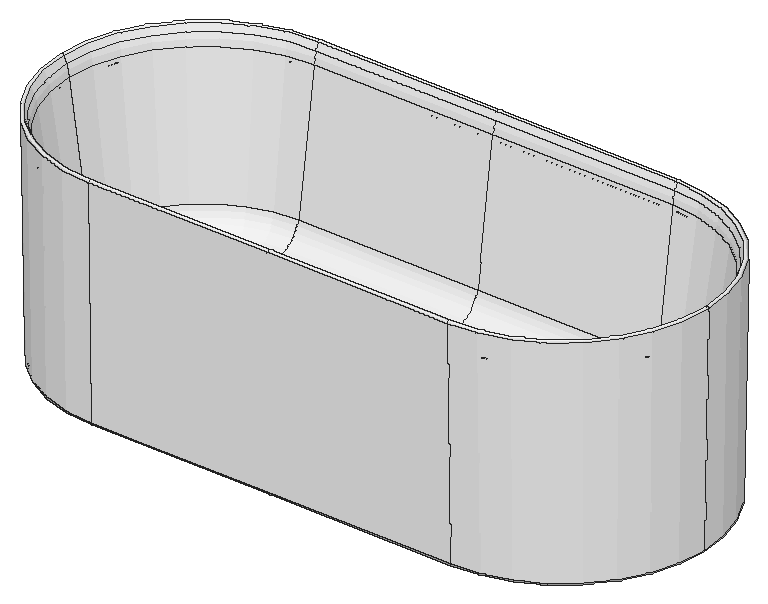
Revit family "ELVIRE FREESTANDING BATH 1700", category Plumbing Fixtures, host Face, Revit 2016
Family settings
  Host = Face
  Part Type = Normal
  Round Connector Dimension = Use Radius
  OmniClass Number = 23.45.05.14.21
  OmniClass Title = Bathtubs
  Cut with Voids When Loaded = No
  Shared = No
  Room Calculation Point = No
Parameters (values of type "ELVIRE FREESTANDING BATH 1700")
  Waste Connection = yes
  Vent Connection = no
  URL = "https://www.caroma.com.au/"
  Model = "CAEL0062W"
  Material_Waste = GWA-Metalwork-White
  Material_Base = GWA-Metalwork-White
  Manufacturer = "GWA Bathrooms & Kitchens"  # constant formula
  HW Connection = no
  Description = "ELVIRE FREESTANDING BATH 1700"
  Default Elevation = 0 mm
  CreatedBy_ANZRS = "GWA Bathrooms & Kitchens"  # constant formula
  CW Connection = no
  Assembly Code = "D2010510"
Reference planes
  plane 1 "Center (Front/Back)": y = 0
  plane 2: z = 0
  plane 3 "Center (Left/Right)": x = 0
Forms (mm)
  Sweep 1, solid, material "GWA-Metalwork-White" <- "Material_Base"
    path origin (0, 0, 40) x (-1, 0, 0) y (0, -1, 0)
      loop
        arc (-850, 0) -> (-738.701, 268.701) -> (-470, 380) r 380
        line (-470, 380) -> (0, 380)
    profile origin (235, -380, 40) x (0, -1, 0) y (0, 0, 1)
      loop
        arc (-0.082, 535.32) -> (-3.753, 539.905) -> (-8.938, 537.145) r 4.6
        line (-8.938, 537.145) -> (-16.008, 519.897)
        arc (-16.008, 519.897) -> (-20.811, 504.919) -> (-23.205, 489.374) r 100
        arc (-23.205, 489.374) -> (-42.393, 317.54) -> (-74.261, 147.601) r 2331.825
        arc (-74.261, 147.601) -> (-99.076, 106.802) -> (-143.487, 89.251) r 75
        line (-143.487, 89.251) -> (-143.487, 84.244)
        arc (-143.487, 84.244) -> (-95.954, 102.894) -> (-69.384, 146.498) r 80
        arc (-69.384, 146.498) -> (-39.451, 303.649) -> (-20.341, 462.479) r 2336.825
        arc (-20.341, 462.479) -> (-13.006, 468.872) -> (-6.367, 461.759) r 7
        line (-6.367, 461.759) -> (-14.953, -30.087)
        arc (-14.953, -30.087) -> (-16.448, -33.566) -> (-19.953, -35) r 5
        line (-19.953, -35) -> (-35.039, -35) -> (-35.039, -40) -> (-15.039, -40)
        arc (-15.039, -40) -> (-11.535, -38.566) -> (-10.04, -35.087) r 5
        line (-10.04, -35.087) -> (-0.082, 535.32)
  Revolve 2, solid, material "GWA-Metalwork-White" <- "Material_Base"
    sketch origin (0, 0, 0) x (0, 1, 0) y (0, 0, 1)
      loop
        line (-64.003, 120.21) -> (-64.003, 114.221)
        arc (-64.003, 114.221) -> (-55.865, 100.878) -> (-41.984, 93.696) r 29
        arc (-41.984, 93.696) -> (-39.122, 91.957) -> (-38, 88.801) r 5
        line (-38, 88.801) -> (-38, 65) -> (-33, 65) -> (-33, 88.801)
        arc (-33, 88.801) -> (-35.244, 95.113) -> (-40.968, 98.592) r 10
        arc (-40.968, 98.592) -> (-52.765, 104.829) -> (-59.407, 116.402) r 24
        arc (-59.407, 116.402) -> (-61.074, 119.067) -> (-64.003, 120.21) r 5
      axis (0, 65) -> (0, 120.21)
    angle from 0 to 360
  Sweep 3, solid, material "GWA-Metalwork-White" <- "Material_Base"
    path origin (0, 0, 40) x (-1, 0, 0) y (0, -1, 0)
      loop
        arc (-850, 0) -> (-738.701, -268.701) -> (-470, -380) r 380
        line (-470, -380) -> (0, -380)
    profile origin (235, 380, 40) x (0, -1, 0) y (0, 0, 1)
      loop
        line (0.082, 535.32) -> (10.04, -35.087)
        arc (10.04, -35.087) -> (11.535, -38.566) -> (15.039, -40) r 5
        line (15.039, -40) -> (35.039, -40) -> (35.039, -35) -> (19.953, -35)
        arc (19.953, -35) -> (16.448, -33.566) -> (14.953, -30.087) r 5
        line (14.953, -30.087) -> (6.367, 461.759)
        arc (6.367, 461.759) -> (13.006, 468.872) -> (20.341, 462.479) r 7
        arc (20.341, 462.479) -> (39.451, 303.649) -> (69.384, 146.498) r 2336.825
        arc (69.384, 146.498) -> (95.954, 102.894) -> (143.487, 84.244) r 80
        line (143.487, 84.244) -> (143.487, 89.251)
        arc (143.487, 89.251) -> (99.076, 106.802) -> (74.261, 147.601) r 75
        arc (74.261, 147.601) -> (42.393, 317.54) -> (23.205, 489.374) r 2331.825
        arc (23.205, 489.374) -> (20.811, 504.919) -> (16.008, 519.897) r 100
        line (16.008, 519.897) -> (8.938, 537.145)
        arc (8.938, 537.145) -> (3.753, 539.905) -> (0.082, 535.32) r 4.6
  Sweep 4, solid, material "GWA-Metalwork-White" <- "Material_Base"
    path origin (0, 0, 40) x (1, 0, 0) y (0, 1, 0)
      loop
        arc (-850, 0) -> (-738.701, -268.701) -> (-470, -380) r 380
        line (-470, -380) -> (0, -380)
    profile origin (-235, -380, 40) x (0, 1, 0) y (0, 0, 1)
      loop
        line (0.082, 535.32) -> (10.04, -35.087)
        arc (10.04, -35.087) -> (11.535, -38.566) -> (15.039, -40) r 5
        line (15.039, -40) -> (35.039, -40) -> (35.039, -35) -> (19.953, -35)
        arc (19.953, -35) -> (16.448, -33.566) -> (14.953, -30.087) r 5
        line (14.953, -30.087) -> (6.367, 461.759)
        arc (6.367, 461.759) -> (13.006, 468.872) -> (20.341, 462.479) r 7
        arc (20.341, 462.479) -> (39.451, 303.649) -> (69.384, 146.498) r 2336.825
        arc (69.384, 146.498) -> (95.954, 102.894) -> (143.487, 84.244) r 80
        line (143.487, 84.244) -> (143.487, 89.251)
        arc (143.487, 89.251) -> (99.076, 106.802) -> (74.261, 147.601) r 75
        arc (74.261, 147.601) -> (42.393, 317.54) -> (23.205, 489.374) r 2331.825
        arc (23.205, 489.374) -> (20.811, 504.919) -> (16.008, 519.897) r 100
        line (16.008, 519.897) -> (8.938, 537.145)
        arc (8.938, 537.145) -> (3.753, 539.905) -> (0.082, 535.32) r 4.6
  Sweep 5, solid, material "GWA-Metalwork-White" <- "Material_Base"
    path origin (0, 0, 40) x (1, 0, 0) y (0, 1, 0)
      loop
        arc (-850, 0) -> (-738.701, 268.701) -> (-470, 380) r 380
        line (-470, 380) -> (0, 380)
    profile origin (-235, 380, 40) x (0, 1, 0) y (0, 0, 1)
      loop
        arc (-0.082, 535.32) -> (-3.753, 539.905) -> (-8.938, 537.145) r 4.6
        line (-8.938, 537.145) -> (-16.008, 519.897)
        arc (-16.008, 519.897) -> (-20.811, 504.919) -> (-23.205, 489.374) r 100
        arc (-23.205, 489.374) -> (-42.393, 317.54) -> (-74.261, 147.601) r 2331.825
        arc (-74.261, 147.601) -> (-99.076, 106.802) -> (-143.487, 89.251) r 75
        line (-143.487, 89.251) -> (-143.487, 84.244)
        arc (-143.487, 84.244) -> (-95.954, 102.894) -> (-69.384, 146.498) r 80
        arc (-69.384, 146.498) -> (-39.451, 303.649) -> (-20.341, 462.479) r 2336.825
        arc (-20.341, 462.479) -> (-13.006, 468.872) -> (-6.367, 461.759) r 7
        line (-6.367, 461.759) -> (-14.953, -30.087)
        arc (-14.953, -30.087) -> (-16.448, -33.566) -> (-19.953, -35) r 5
        line (-19.953, -35) -> (-35.039, -35) -> (-35.039, -40) -> (-15.039, -40)
        arc (-15.039, -40) -> (-11.535, -38.566) -> (-10.04, -35.087) r 5
        line (-10.04, -35.087) -> (-0.082, 535.32)
  Extrusion 6, solid, material "GWA-Metalwork-White" <- "Material_Base"
    sketch origin (0, 0, 40) x (-1, 0, 0) y (0, -1, 0)
      loop
        arc (470, -236.513) -> (706.513, 0) -> (470, 236.513) r 236.513
        line (470, 236.513) -> (-470, 236.513)
        arc (-470, 236.513) -> (-706.513, 0) -> (-470, -236.513) r 236.513
        line (-470, -236.513) -> (470, -236.513)
    from 74 to 89.251
  Blend 7, void
    base sketch origin (0, 0, 40) x (-1, 0, 0) y (0, -1, 0)
      loop
        line (-470, -236.513) -> (470, -236.513)
        arc (470, -236.513) -> (706.513, 0) -> (470, 236.513) r 236.513
        line (470, 236.513) -> (-470, 236.513)
        arc (-470, 236.513) -> (-706.513, 0) -> (-470, -236.513) r 236.513
    top sketch origin (0, 0, 40) x (-1, 0, 0) y (0, -1, 0)
      loop
        circle (0, 0) r 64.003
    from 89.251 to 80.21
  Extrusion 8, void
    sketch origin (0, 0, 40) x (-1, 0, 0) y (0, -1, 0)
      loop
        circle (0, 0) r 64.003
    from 0 to 110
  Revolve 9, solid, material "GWA-Metalwork-White" <- "Material_Waste"
    sketch origin (0, 0, 0) x (0, 1, 0) y (0, 0, 1)
      loop
        line (0, 114) -> (0, 121.5)
        arc (0, 121.5) -> (-25.03, 121.151) -> (-50.04, 120.105) r 898.153
        arc (-50.04, 120.105) -> (-51.369, 119.495) -> (-51.928, 118.143) r 2
        line (-51.928, 118.143) -> (-52, 114) -> (0, 114)
      axis (0, 121.5) -> (0, 114)
    angle from 0 to 360
Cuts and joins
  Blend 7, Extrusion 8 cuts Extrusion 6
  joined: Sweep 1, Sweep 3, Sweep 4, Sweep 5
Lines and regions (mm)
  Masking region 1
    outline origin (0, 0, 40) x (-1, 0, 0) y (0, -1, 0)
      loop
        line (-470, -380) -> (470, -380)
        arc (470, -380) -> (850, 0) -> (470, 380) r 380
        line (470, 380) -> (-470, 380)
        arc (-470, 380) -> (-850, 0) -> (-470, -380) r 380
  Masking region 2
    outline origin (0, 0, -1000) x (0, 1, 0) y (0, 0, 1)
      loop
        line (-364.961, 1000) -> (364.961, 1000)
        arc (364.961, 1000) -> (368.465, 1001.434) -> (369.96, 1004.913) r 5
        line (369.96, 1004.913) -> (379.918, 1575.32)
        arc (379.918, 1575.32) -> (378.599, 1578.624) -> (375.318, 1580) r 4.6
        line (375.318, 1580) -> (-375.318, 1580)
        arc (-375.318, 1580) -> (-378.599, 1578.624) -> (-379.918, 1575.32) r 4.6
        line (-379.918, 1575.32) -> (-369.96, 1004.913)
        arc (-369.96, 1004.913) -> (-368.465, 1001.434) -> (-364.961, 1000) r 5
  Masking region 3
    outline origin (0, 0, -1000) x (1, 0, 0) y (0, 0, 1)
      loop
        line (-835.043, 1000) -> (835.043, 1000)
        arc (835.043, 1000) -> (838.548, 1001.434) -> (840.042, 1004.913) r 5
        line (840.042, 1004.913) -> (850, 1575.32)
        arc (850, 1575.32) -> (848.682, 1578.624) -> (845.401, 1580) r 4.6
        line (845.401, 1580) -> (-845.401, 1580)
        arc (-845.401, 1580) -> (-848.682, 1578.624) -> (-850, 1575.32) r 4.6
        line (-850, 1575.32) -> (-840.042, 1004.913)
        arc (-840.042, 1004.913) -> (-838.548, 1001.434) -> (-835.043, 1000) r 5
  symbolic lines
    curve 1: line (470, 380, 40) -> (-470, 380, 40)
    curve 2: arc (470, -380, 40) -> (850, 0, 40) -> (470, 380, 40) r 380
    curve 3: line (470, -380, 40) -> (-470, -380, 40)
    curve 4: arc (-470, -380, 40) -> (-850, 0, 40) -> (-470, 380, 40) r 380
    curve 5: circle (0, 0, 40) r 64.003 normal (0, 0, 1)
    curve 6: circle (0, 0, 40) r 38 normal (0, 0, 1)
    curve 7: line (-470, 236.513, 40) -> (470, 236.513, 40)
    curve 8: arc (-470, -236.513, 40) -> (-706.513, 0, 40) -> (-470, 236.513, 40) r 236.513
    curve 9: line (470, -236.513, 40) -> (-470, -236.513, 40)
    curve 10: arc (470, -236.513, 40) -> (706.513, 0, 40) -> (470, 236.513, 40) r 236.513
    curve 11: arc (0, -379.918, 575.32) -> (0, -378.599, 578.624) -> (0, -375.318, 580) r 4.6
    curve 12: line (0, -379.918, 575.32) -> (0, -369.96, 4.913)
    curve 13: line (0, 375.318, 580) -> (0, -375.318, 580)
    curve 14: line (0, -364.961, 0) -> (0, 364.961, 0)
    curve 15: arc (0, -364.961, 0) -> (0, -368.465, 1.434) -> (0, -369.96, 4.913) r 5
    curve 16: arc (0, 379.918, 575.32) -> (0, 378.599, 578.624) -> (0, 375.318, 580) r 4.6
    curve 17: line (0, 379.918, 575.32) -> (0, 369.96, 4.913)
    curve 18: arc (0, 364.961, 0) -> (0, 368.465, 1.434) -> (0, 369.96, 4.913) r 5
    curve 19: line (850, 0, 575.32) -> (840.042, 0, 4.913)
    curve 20: arc (850, 0, 575.32) -> (848.682, 0, 578.624) -> (845.401, 0, 580) r 4.6
    curve 21: line (-845.401, 0, 580) -> (845.401, 0, 580)
    curve 22: line (-835.043, 0, 0) -> (835.043, 0, 0)
    curve 23: arc (835.043, 0, 0) -> (838.548, 0, 1.434) -> (840.042, 0, 4.913) r 5
    curve 24: line (-850, 0, 575.32) -> (-840.042, 0, 4.913)
    curve 25: arc (-850, 0, 575.32) -> (-848.682, 0, 578.624) -> (-845.401, 0, 580) r 4.6
    curve 26: arc (-835.043, 0, 0) -> (-838.548, 0, 1.434) -> (-840.042, 0, 4.913) r 5
Dimensions and locks
  aligned and locked: plane 2 to host face
  aligned and locked: level to host face
Connectors
  piping at (0, 0, 0), diameter 40
    settings: index 1, connector inside diameter 609.6 mm, connector length 0 mm, flow factor 0, pipe flow 0.0 L/s, pressure drop 0.0 Pa, fitting loss kfactor 0, connector angle 0.00°, fixture units 0, engagement length 0 mm, angle of deflection 0.00°, flow configuration 3, flow direction 2, fitting loss method 0, system type 16, joint type 0, gender type 0, connector reference index -1, connector utility 0, adjustable connector no, is connector primary yes, connector description ""
